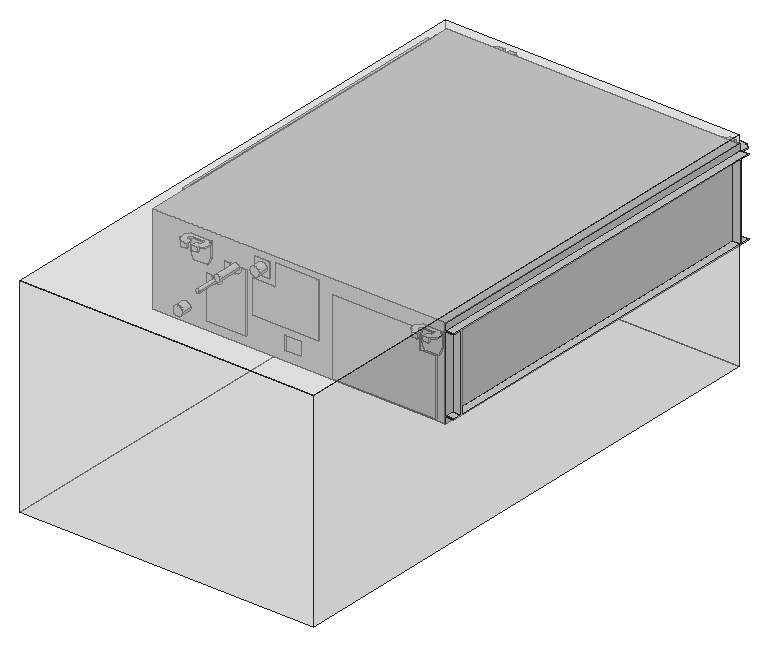
Revit family "outputfile", category 機械設備, Revit 2024
Family settings
  丸型コネクタ寸法 = 半径を使用
  パーツ タイプ = 標準
  OmniClass 番号 = 23.75.10.24.21.27.27
  OmniClass タイトル = Split System Air Conditioning Units
  作業面ベース = いいえ
  常に垂直 = はい
  ロード時にボイドで切り取り = いいえ
  注釈の向きを維持 = いいえ
  共有 = いいえ
  部屋計算ポイント = はい
Parameters (values of type "FBA50BVMA")
  製造元 = "Daikin"
  書き出し IFC クラス(タイプ) = "IfcUnitaryEquipmentType"
  定義済み IFC タイプ(タイプ) = "AIRCONDITIONINGUNIT"
  モデル = "FBA50BVMA"
  switch_frequency = yes
  r_Liquid Pipe Size = Liquid Pipe Size / 2  # 4.75 mm
  r_Gas Pipe Size = Gas Pipe Size / 2  # 7.95 mm
  r_Drain Pipe Size = Drain Pipe Size / 2  # 12.5 mm
  lw_power = 770.0 mm  # constant formula
  lh_SA = 138.0 mm  # constant formula
  lw_SA = if(Width = 550.0 mm, 225.0 mm, if(Width = 700.0 mm, 300.0 mm, if(Width = 1000.0 mm, 450.0 mm, if(Width = 1400.0 mm, 650.0 mm, 725.0 mm))))  # 450.0 mm
  lw_RA = if(Width = 550.0 mm, 275.0 mm, if(Width = 700.0 mm, 349.0 mm, if(Width = 1000.0 mm, 499.0 mm, if(Width = 1400.0 mm, 699.0 mm, 775.0 mm))))  # 499.0 mm
  lh_power = 60.0 mm + [h***]  # 60.0 mm
  lh_mountinghole1 = lh_mountinghole + [h***]  # 222.0 mm
  lh_RA = 123.0 mm  # constant formula
  ld_power = Width / 2  # 500.0 mm
  connector_voltage = Voltage_50Hz  # 230 V
  connector_powerinput = [Power Input (Cooling)]  # 1.350 kW
  connector_phase = Phase_50Hz  # 1
  Voltage_comment_60Hz = "220-230"
  Voltage_comment_50Hz = "220 - 240"
  Voltage_60Hz = 220 V
  Voltage_50Hz = 230 V
  Total Heating Capacity [instance] = 0.000 kW
  Supply Air Direction [instance] = yes
  Sound Power Level_H speed (dB) = 0
  Power Input (Heating) = 0.000 kW
  Phase_60Hz = 1
  Phase_50Hz = 1
  Nominal Heating Capacity = 0.000 kW
  Minimum External Static Pressure = 0.00 Pa
  Minimum Circuit Amps_60Hz = 0.0 A
  Minimum Circuit Amps_50Hz = 0.0 A
  Maximum Fuse Amps_60Hz = 0.0 A
  Maximum Fuse Amps_50Hz = 0.0 A
  Maximum External Static Pressure = 0.00 Pa
  Material_Casing = DAIKIN_GalvanizedSteel_Casing_indoorunit
  lw_mountinghole = 630.0 mm  # constant formula
  lh_gaspipe = 183.0 mm + [h***]  # 183.0 mm
  lh_mountinghole = 222.0 mm  # constant formula
  lh_liquidpipe = 136.0 mm + [h***]  # 136.0 mm
  lh_drainpipe = 207.0 mm + [h***]  # 207.0 mm
  lh_antena = Height - lh_mountinghole + 1.0 mm  # 24.0 mm
  ld_drainpipe = Width / 2 + 26.0 mm  # 526.0 mm
  ld_liquidpipe = Width / 2 + 69.0 mm  # 569.0 mm
  ld_gaspipe = Width / 2 + 65.0 mm  # 565.0 mm
  ld_mountinghole = Width + 38.0 mm  # 1038.0 mm
  h*** = 0.0 mm  # constant formula
  lw_liquidpipe = 179.0 mm  # constant formula
  lw_gaspipe = 229.0 mm  # constant formula
  lw_drainpipe = 300.0 mm  # constant formula
  Width = 1000.0 mm
  Version = "ver.1.0"
  Unit Type = "Duct"
  Unit Mass Weight = 37.00 kg
  Unit Designation [instance] = ""
  Uniclass2015Version = "Products v1.30"
  Uniclass2015Title = "Split coil room air conditioning units"
  Uniclass2015Code = "Pr_70_65_03_86"
  Total Cooling Capacity [instance] = 0.000 kW
  Sound Pressure Level_M speed (dBA) = 33
  Sound Pressure Level_L speed (dBA) = 31
  Sound Pressure Level_H speed (dBA) = 35
  Series = "SkyAir_Fan Coil Unit"
  Sensible Cooling Capacity [instance] = 0.000 kW
  SA Duct Size Width = 792.0 mm
  SA Duct Size Height = 176.0 mm
  Refrigerant Type = "R32"
  RA Duct Size Width = 952.0 mm
  RA Duct Size Height = 208.0 mm
  Power Input (Cooling) = 1.350 kW
  Option Accessory 3 [instance] = ""
  Option Accessory 2 [instance] = ""
  Option Accessory 1 [instance] = ""
  Nominal Cooling Capacity = 5.000 kW
  Minimum Airflow = 750.00 m³/h
  Median Airflow = 900.00 m³/h
  Maximum Airflow = 1080.00 m³/h
  Load Classification = HVAC
  Liquid Pipe Size = 9.5 mm
  Link_Nested Family [instance] = ""
  IfcVersion = ""
  IfcExportType = "AIRCONDITIONINGUNIT"
  IfcExportAs = "IfcUnitaryEquipmentType"
  Height = 245.0 mm
  Heating Entering Wet Bulb Temperature [instance] = -273.15 °C
  Heating Entering Dry Bulb Temperature [instance] = -273.15 °C
  Heating Ambient Wet Bulb Temperature [instance] = -273.15 °C
  Heating Ambient Dry Bulb Temperature [instance] = -273.15 °C
  Heat Exchanger Type = "Cross Fin Coil"
  Gas Pipe Size = 15.9 mm
  Frequency_60Hz = 60 Hz
  Frequency_50Hz = 50 Hz
  Fan Type = "Sirocco Fan"
  Fan Drive = "-"
  FCU Tag No. [instance] = ""
  Drain Pipe Size = 25.0 mm
  Design Supply Airflow [instance] = 0.00 m³/h
  Design Return Airflow [instance] = 0.00 m³/h
  Design External Static Pressure [instance] = 0.00 Pa
  Depth = 800.0 mm
  既定の高さ = 0.0 mm
  Cooling Entering Wet Bulb Temperature [instance] = 0.00 °C
  Cooling Entering Dry Bulb Temperature [instance] = 0.00 °C
  Cooling Ambient Wet Bulb Temperature [instance] = 0.00 °C
  Cooling Ambient Dry Bulb Temperature [instance] = 0.00 °C
  Clearance visibility [instance] = yes
  Clearance Top = 20.0 mm
  Clearance Right = 0.0 mm
  Clearance Rear = 0.0 mm
  Clearance Left = 0.0 mm
  Clearance Front = 450.0 mm
  Clearance Bottom = 300.0 mm
Reference planes
  plane 1 "Center (Front/Back)": y = 0
  plane 2 "h": z = 0
  plane 3 "Center (Left/Right)": x = 0
  plane 4 "Back": y = 500
  plane 5 "Front": y = -500
  plane 6 "Left": x = -400
  plane 7 "Right": x = 400
  plane 8 "Top": z = 0
  plane 9 "Bottom": z = -245
  plane 10: y = -215
  plane 11: y = 500
  plane 12: y = -950
  plane 13: x = -400
  plane 14: x = 400
  plane 15: z = 20
  plane 16: z = -545
  plane 17: x = -400
  plane 18: x = -399
  plane 19: x = 399
  plane 20: y = 50
  plane 21: y = -1
  plane 22: z = -122
  plane 23: y = -501
  plane 24: z = -109
  plane 25: x = -221
  plane 26: y = -565
  plane 27: z = -62
  plane 28: x = -171
  plane 29: y = -526
  plane 30: z = -38
  plane 31: x = -100
  plane 32: x = -100
  plane 33: x = -221
  plane 34: x = -171
  plane 35: x = 370
  plane 36: x = -266
  plane 37: x = 364
  plane 38: y = -519
  plane 39: y = 519
  plane 40: z = -23
  plane 41: z = -107
  plane 42: y = -569
  plane 43: z = -207
  plane 44: x = -309
  plane 45: y = -376
  plane 46: x = -251
  plane 47: x = -203
  plane 48: x = -144
  plane 49: z = -59
  plane 50: z = -106
  plane 51: z = -221
  plane 52: z = -109
  plane 53: x = -221
  plane 54: z = -62
  plane 55: x = -171
  plane 56: z = -17
  plane 57: z = -59
  plane 58: x = -121
  plane 59: x = -79
  plane 60: x = -125
  plane 61: x = -64
  plane 62: x = 53
  plane 63: z = -164
  plane 64: z = -73
  plane 65: z = -16
  plane 66: x = 93.5
  plane 67: x = 374.5
  plane 68: x = 330
  plane 69: z = -88.5
  plane 70: z = -38
  plane 71: z = -242.5
  plane 72: x = -38.5
  plane 73: x = 6.5
  plane 74: z = -181
  plane 75: z = -221
  plane 76: y = -499
  plane 77: x = -424
  plane 78: x = 424
Forms (mm)
  Extrusion 1, solid, material "DAIKIN_GalvanizedSteel_Casing_indoorunit" <- "Material_Casing"
    sketch origin (0, 0, 0) x (1, 0, 0) y (0, 1, 0)
      loop
        line (-399, 500) -> (-399, -500) -> (399, -500) -> (399, 500) -> (-399, 500)
    from -245 to 0
  Extrusion 2, solid, material "DAIKIN_GalvanizedSteel_Casing_indoorunit" <- "Material_Casing"
    sketch origin (0, 0, 0) x (1, 0, 0) y (0, 0, 1)
      loop
        line (-251, -221) -> (-144, -221) -> (-144, -59) -> (-154.47, -59)
        arc (-154.47, -59) -> (-171, -78.8) -> (-187.53, -59) r 16.8
        line (-187.53, -59) -> (-203, -59) -> (-203, -106) -> (-206.916, -106)
        arc (-206.916, -106) -> (-221, -123.4) -> (-235.084, -106) r 14.4
        line (-235.084, -106) -> (-251, -106) -> (-251, -221)
    from 500 to 501
  Extrusion 3, solid, material "DAIKIN_GalvanizedSteel_Casing_indoorunit" <- "Material_Casing"
    sketch origin (0, 0, 0) x (1, 0, 0) y (0, 0, 1)
      loop
        line (-121, -17) -> (-121, -59) -> (-79, -59) -> (-79, -17) -> (-121, -17)
      loop
        line (-125, -73) -> (-125, -164) -> (53, -164) -> (53, -16) -> (-64, -16) -> (-64, -73) -> (-125, -73)
    from 500 to 501
  Extrusion 4, solid, material "DAIKIN_GalvanizedSteel_Casing_indoorunit" <- "Material_Casing"
    sketch origin (0, 0, 0) x (1, 0, 0) y (0, 0, 1)
      loop
        line (93.5, -38) -> (93.5, -242.5) -> (374.5, -242.5) -> (374.5, -88.5) -> (330, -88.5) -> (330, -38) -> (93.5, -38)
    from 500 to 501
  Extrusion 5, solid, material "DAIKIN_GalvanizedSteel_Casing_indoorunit" <- "Material_Casing"
    sketch origin (0, 0, 0) x (1, 0, 0) y (0, 0, 1)
      loop
        circle (-221, -109) r 4.75
    from 500 to 569
  Extrusion 6, solid, material "DAIKIN_GalvanizedSteel_Casing_indoorunit" <- "Material_Casing"
    sketch origin (0, 0, 0) x (1, 0, 0) y (0, 0, 1)
      loop
        circle (-171, -62) r 7.95
    from 500 to 565
  Extrusion 7, solid, material "DAIKIN_GalvanizedSteel_Casing_indoorunit" <- "Material_Casing"
    sketch origin (0, 0, 0) x (1, 0, 0) y (0, 0, 1)
      loop
        circle (-100, -38) r 12.5
    from 501 to 526
  Extrusion 8, solid, material "DAIKIN_GalvanizedSteel_Casing_indoorunit" <- "Material_Casing"
    sketch origin (0, 0, 0) x (1, 0, 0) y (0, 0, 1)
      loop
        circle (-309, -207) r 13
    from 500 to 526
  Extrusion 9, void
    sketch origin (0, 0, 0) x (1, 0, 0) y (0, 0, 1)
      loop
        line (-38.5, -181) -> (-38.5, -221) -> (6.5, -221) -> (6.5, -181) -> (-38.5, -181)
    from 499 to 500
Cuts and joins
  Extrusion 9 cuts Extrusion 1
Dimensions and locks
  "Height": plane 8 "Top" to plane 9 "Bottom"
  equal spacing: plane 4 "Back", plane 1 "Center (Front/Back)", plane 5 "Front"
  "Width": plane 4 "Back" to plane 5 "Front"
  equal spacing: plane 6 "Left", plane 3 "Center (Left/Right)", plane 7 "Right"
  "Depth": plane 6 "Left" to plane 7 "Right"
  "Clearance Left": plane 13 to plane 6 "Left"
  "Clearance Right": plane 7 "Right" to plane 14
  "Clearance Rear": plane 11 to plane 4 "Back"
  "Clearance Front": plane 5 "Front" to plane 12
  "Clearance Top": plane 15 to plane 8 "Top"
  "Clearance Bottom": plane 9 "Bottom" to plane 16
  locked: plane 17 to plane 18 at 1
  locked: plane 19 to plane 14 at 1
  "lw_SA": plane 11 to plane 20
  "lw_RA": plane 21 to plane 5 "Front"
  "lh_RA": plane 22 to plane 9 "Bottom"
  locked: plane 5 "Front" to plane 23 at 1
  "lw_liquidpipe": plane 25 to plane 6 "Left"
  "lh_liquidpipe": plane 24 to plane 9 "Bottom"
  "lh_gaspipe": plane 27 to plane 9 "Bottom"
  "lw_gaspipe": plane 28 to plane 6 "Left"
  "ld_gaspipe": plane 26 to plane 1 "Center (Front/Back)"
  "ld_drainpipe": plane 29 to plane 1 "Center (Front/Back)"
  "lh_drainpipe": plane 30 to plane 9 "Bottom"
  "lw_drainpipe": plane 31 to plane 6 "Left"
  "lw_drainpipe": plane 6 "Left" to plane 32
  "lw_liquidpipe": plane 6 "Left" to plane 33
  "lw_gaspipe": plane 6 "Left" to plane 34
  "lw_power": plane 6 "Left" to plane 35
  locked: plane 17 to plane 36 at 134
  "lw_mountinghole": plane 36 to plane 37
  equal spacing: plane 38, plane 1 "Center (Front/Back)", plane 39
  "ld_mountinghole": plane 39 to plane 38
  "lh_mountinghole": plane 40 to plane 9 "Bottom"
  "lh_SA": plane 41 to plane 9 "Bottom"
  locked: plane 44 to plane 6 "Left" at 91
  locked: plane 43 to plane 9 "Bottom" at 38
  plane 48 to plane 47 to plane 46 to plane 6 "Left" = 59.0 mm, 48.0 mm, 149.0 mm
  plane 8 "Top" to plane 49 to plane 50 to plane 51 = 59.0 mm locked, 47.0 mm locked, 115.0 mm locked
  plane 55 to plane 53 to plane 6 "Left" = 50.0 mm locked, 179.0 mm locked
  plane 54 to plane 52 to plane 9 "Bottom" = 47.0 mm locked, 136.0 mm locked
  plane 59 to plane 58 to plane 6 "Left" = 42.0 mm locked, 279.0 mm locked
  plane 8 "Top" to plane 56 to plane 57 = 17.0 mm locked, 42.0 mm locked
  plane 62 to plane 61 to plane 60 to plane 6 "Left" = 117.0 mm, 61.0 mm, 275.0 mm
  plane 8 "Top" to plane 65 to plane 64 = 16.0 mm locked, 57.0 mm locked
  locked: plane 65 to plane 63 at 148
  plane 8 "Top" to plane 70 to plane 69 to plane 71 = 38.0 mm locked, 50.5 mm locked, 154.0 mm locked
  plane 67 to plane 68 to plane 66 to plane 6 "Left" = 44.5 mm locked, 236.5 mm locked, 493.5 mm locked
  plane 8 "Top" to plane 74 to plane 75 = 181.0 mm locked, 40.0 mm locked
  plane 73 to plane 72 to plane 6 "Left" = 45.0 mm, 361.5 mm
  locked: plane 76 to plane 5 "Front" at 1
  locked: plane 77 to plane 17 at 24
  locked: plane 14 to plane 78 at 24
  "ld_liquidpipe": plane 42 to plane 1 "Center (Front/Back)"
  "r_Liquid Pipe Size": radius of Extrusion 5 sketch curve
  "r_Gas Pipe Size": radius of Extrusion 6 sketch curve
  "r_Drain Pipe Size": radius of Extrusion 7 sketch curve
  aligned and locked: level to plane 2 "h"
  aligned and locked: plane 8 "Top" to Extrusion 1
  aligned and locked: Extrusion 1 to plane 9 "Bottom"
  aligned and locked: nested 5 to plane 12
  aligned and locked: plane 13 to nested 5
  aligned and locked: plane 14 to nested 5
  aligned and locked: nested 5 to plane 13
  aligned and locked: plane 11 to nested 5
  aligned and locked: plane 15 to nested 5
  aligned and locked: plane 16 to nested 5
  aligned and locked: plane 5 "Front" to Extrusion 1 sketch curve
  aligned and locked: Extrusion 1 to plane 18
  aligned and locked: plane 19 to Extrusion 1
  aligned and locked: nested 7 to plane 18
  aligned and locked: nested 7 to plane 20
  aligned and locked: plane 19 to nested 8
  aligned and locked: plane 21 to nested 8
  aligned and locked: plane 22 to nested 8
  aligned and locked: Extrusion 2 to plane 23
  aligned and locked: plane 5 "Front" to Extrusion 2
  aligned and locked: Extrusion 3 to plane 23
  aligned and locked: plane 5 "Front" to Extrusion 3
  aligned and locked: plane 5 "Front" to Extrusion 4
  aligned and locked: Extrusion 5 sketch curve to plane 25
  aligned and locked: plane 24 to Extrusion 5 sketch curve
  aligned and locked: plane 5 "Front" to Extrusion 5
  aligned and locked: Extrusion 6 sketch curve to plane 28
  aligned and locked: plane 27 to Extrusion 6 sketch curve
  aligned and locked: plane 5 "Front" to Extrusion 6
  aligned and locked: Extrusion 7 sketch curve to plane 31
  aligned and locked: Extrusion 7 sketch curve to plane 30
  aligned and locked: Extrusion 7 to plane 29
  aligned and locked: plane 23 to Extrusion 7
  aligned and locked: nested 3 to plane 29
  aligned and locked: plane 32 to nested 3
  aligned and locked: nested 2 to plane 33
  aligned and locked: nested 1 to plane 34
  aligned and locked: Extrusion 6 to plane 26
  aligned and locked: nested 1 to plane 26
  aligned and locked: nested 6 to plane 5 "Front"
  aligned and locked: nested 6 to plane 35
  aligned and locked: plane 36 to nested 10
  aligned and locked: nested 10 to plane 5 "Front"
  aligned and locked: plane 37 to nested 9
  aligned and locked: nested 9 to plane 5 "Front"
  aligned and locked: nested 11 to plane 36
  aligned and locked: plane 4 "Back" to nested 11
  aligned and locked: nested 12 to plane 37
  aligned and locked: plane 4 "Back" to nested 12
  aligned and locked: plane 40 to nested 10
  aligned and locked: plane 40 to nested 11
  aligned and locked: plane 40 to nested 9
  aligned and locked: plane 40 to nested 12
  aligned and locked: plane 36 to nested 14
  aligned and locked: nested 14 to plane 39
  aligned and locked: plane 37 to nested 13
  aligned and locked: nested 13 to plane 39
  aligned and locked: plane 37 to nested 16
  aligned and locked: plane 38 to nested 16
  aligned and locked: plane 38 to nested 15
  aligned and locked: plane 36 to nested 15
  aligned and locked: plane 17 to plane 6 "Left"
  aligned and locked: plane 41 to nested 7
  aligned and locked: Extrusion 5 to plane 42
  aligned and locked: nested 2 to plane 42
  aligned and locked: Extrusion 8 sketch curve to plane 44
  aligned and locked: plane 43 to Extrusion 8 sketch curve
  aligned and locked: plane 5 "Front" to Extrusion 8
  aligned and locked: Extrusion 3 sketch curve to plane 56
  aligned and locked: Extrusion 3 sketch curve to plane 58
  aligned and locked: plane 57 to Extrusion 3 sketch curve
  aligned and locked: plane 59 to Extrusion 3 sketch curve
  aligned and locked: Extrusion 4 to plane 23
  aligned and locked: Extrusion 9 sketch curve to plane 74
  aligned and locked: plane 75 to Extrusion 9 sketch curve
  aligned and locked: plane 73 to Extrusion 9 sketch curve
  aligned and locked: plane 5 "Front" to Extrusion 9
  aligned and locked: plane 76 to Extrusion 9
  aligned and locked: nested 17 to plane 20
  aligned and locked: nested 17 to plane 77
  aligned and locked: plane 21 to nested 18
  aligned and locked: plane 78 to nested 18
  aligned and locked: plane 41 to nested 17
  aligned and locked: nested 18 to plane 22
  aligned and locked: nested 4 to plane 3 "Center (Left/Right)"
  aligned and locked: plane 1 "Center (Front/Back)" to nested 4
  aligned and locked: level to plane 8 "Top"
Automatic sketch dimensions
  plane 6 "Left" to Extrusion 1 sketch curve = 1.0 mm
  Extrusion 1 sketch curve to plane 7 "Right" = 1.0 mm
  Extrusion 1 sketch curve to plane 4 "Back" = 0.0 mm
  Extrusion 2 sketch curve to plane 46 = 0.0 mm
  Extrusion 2 sketch curve to plane 33 = 0.0 mm
  Extrusion 2 sketch curve to plane 47 = 0.0 mm
  Extrusion 2 sketch curve to plane 34 = 0.0 mm
  Extrusion 2 sketch curve to plane 48 = 0.0 mm
  Extrusion 2 sketch curve to plane 51 = 0.0 mm
  Extrusion 2 sketch curve to plane 52 = 0.0 mm
  Extrusion 2 sketch curve to plane 50 = 0.0 mm  (x3)
  Extrusion 2 sketch curve to plane 54 = 0.0 mm
  Extrusion 2 sketch curve to plane 49 = 0.0 mm  (x3)
  plane 33 to Extrusion 2 sketch curve = 14.084 mm
  plane 34 to Extrusion 2 sketch curve = 16.53 mm
  Extrusion 3 sketch curve to plane 60 = 0.0 mm
  Extrusion 3 sketch curve to plane 61 = 0.0 mm
  Extrusion 3 sketch curve to plane 62 = 0.0 mm
  Extrusion 3 sketch curve to plane 63 = 0.0 mm
  Extrusion 3 sketch curve to plane 64 = 0.0 mm
  Extrusion 3 sketch curve to plane 65 = 0.0 mm
  Extrusion 4 sketch curve to plane 66 = 0.0 mm
  Extrusion 4 sketch curve to plane 68 = 0.0 mm
  Extrusion 4 sketch curve to plane 67 = 0.0 mm
  Extrusion 4 sketch curve to plane 71 = 0.0 mm
  Extrusion 4 sketch curve to plane 69 = 0.0 mm
  Extrusion 4 sketch curve to plane 70 = 0.0 mm
  Extrusion 9 sketch curve to plane 72 = 0.0 mm
  radius of Extrusion 8 sketch curve = 13.0 mm
Nested families
  nested 1: "daikin_connector_rotate2" at (-171, 0, -62), length <- "ld_gaspipe", built-in parameter 1001364 <- "lh_gaspipe", radius <- "r_Gas Pipe Size", type "daikin_connector_rotate2"
    with radius 7.95 mm, length 565.0 mm, angle_vertical 90.00°
  nested 2: "daikin_connector_rotate2" at (-221, 0, -109), length <- "ld_liquidpipe", built-in parameter 1001364 <- "lh_liquidpipe", radius <- "r_Liquid Pipe Size", type "daikin_connector_rotate2"
    with radius 4.75 mm, length 569.0 mm, angle_vertical 90.00°
  nested 3: "daikin_connector_rotate2" at (-100, 0, -38), length <- "ld_drainpipe", built-in parameter 1001364 <- "lh_drainpipe", radius <- "r_Drain Pipe Size", type "daikin_connector_rotate2"
    with radius 12.5 mm, length 526.0 mm, angle_vertical 90.00°
  nested 4: "daikin_△_symbolicline" at (0, 0, 245) x (0, -1, 0) z (0, 0, 1), built-in parameter 1001364 <- "Height", visible <- "Supply Air Direction", type "daikin_△_symbolicline"
    with length 200.0 mm
  nested 5: "daikin_clearancespace" at (0, -225, -262.381), visible <- "Clearance visibility", show <- "Clearance visibility", Link_Nested Family <- "Link_Nested Family", type "daikin_clearancespace"
    with width 800.0 mm, show yes, height 565.0 mm, depth 1450.0 mm, Link_Nested Family ""
  nested 6: "daikin_connector_rotate2" at (370, 0, -185), built-in parameter 1001364 <- "lh_power", length <- "ld_power", type "daikin_connector_rotate2"
    with radius 10.0 mm, length 500.0 mm, angle_vertical 90.00°
  nested 7: "daikin_ductflange_FBA-BVMA2" at (-399, 50, -107) x (0, -1, 0) z (0, 0, 1), type "daikin_ductflange_FBA-BVMA2"
    with width 792.0 mm, w 1000.0 mm
  nested 8: "daikin_ductflange_FBA-BVMA" at (399, -1, -122) x (0, 1, 0) z (0, 0, 1), type "daikin_ductflange_FBA-BVMA"
    with width 952.0 mm, lw 25.0 mm, w 1000.0 mm
  nested 9: "daikin_hangerfixture_FBA-BVMA" at (364, -500, -23), type "daikin_hangerfixture_FBA-BVMA"
  nested 10: "daikin_hangerfixture_FBA-BVMA" at (-266, -500, -23), type "daikin_hangerfixture_FBA-BVMA"
  nested 11: "daikin_hangerfixture_FBA-BVMA" at (-266, 500, -23) x (-1, 0, 0) z (0, 0, 1), type "daikin_hangerfixture_FBA-BVMA"
  nested 12: "daikin_hangerfixture_FBA-BVMA" at (364, 500, -23) x (-1, 0, 0) z (0, 0, 1), type "daikin_hangerfixture_FBA-BVMA"
  nested 13: "daikin_mountinghole" at (364, 519, -245), h_mountinghole <- "lh_mountinghole1", l_antenna <- "lh_antena", Link_Nested Family <- "Link_Nested Family", type "daikin_mountinghole"
    with show yes, l_antenna 24.0 mm, h_mountinghole 222.0 mm, Link_Nested Family ""
  nested 14: "daikin_mountinghole" at (-266, 519, -245), h_mountinghole <- "lh_mountinghole1", l_antenna <- "lh_antena", Link_Nested Family <- "Link_Nested Family", type "daikin_mountinghole"
    with show yes, l_antenna 24.0 mm, h_mountinghole 222.0 mm, Link_Nested Family ""
  nested 15: "daikin_mountinghole" at (-266, -519, -245), h_mountinghole <- "lh_mountinghole1", l_antenna <- "lh_antena", Link_Nested Family <- "Link_Nested Family", type "daikin_mountinghole"
    with show yes, l_antenna 24.0 mm, h_mountinghole 222.0 mm, Link_Nested Family ""
  nested 16: "daikin_mountinghole" at (364, -519, -245), h_mountinghole <- "lh_mountinghole1", l_antenna <- "lh_antena", Link_Nested Family <- "Link_Nested Family", type "daikin_mountinghole"
    with show yes, l_antenna 24.0 mm, h_mountinghole 222.0 mm, Link_Nested Family ""
  nested 17: "daikin_connector_rotate2" at (-400, 50, -107) x (0, -1, 0) z (0, 0, 1), type "daikin_connector_rotate2"
    with radius 10.0 mm, length 24.0 mm, angle_vertical 90.00°
  nested 18: "daikin_connector_rotate2" at (400, -1, -122) x (0, 1, 0) z (0, 0, 1), type "daikin_connector_rotate2"
    with radius 10.0 mm, length 24.0 mm, angle_vertical 90.00°
Connectors
  piping at (-100, -526, -38), diameter 25, driven by "r_Drain Pipe Size"
    settings: on nested 3, index 3, connector inside diameter 609.6 mm, connector length 0.0 mm, flow factor 0, pipe flow 0.00 m³/h, pressure drop 0.0 Pa, fitting loss kfactor 0, connector angle 0.00°, fixture units 0, engagement length 0.0 mm, angle of deflection 0.00°, flow configuration 1, flow direction 2, fitting loss method 4, system type 16, joint type 0, gender type 0, connector reference index -1, connector utility 0, adjustable connector no, is connector primary yes, connector description "Condensate Drain Piping"
  piping at (-171, -565, -62), diameter 15.9, driven by "r_Gas Pipe Size"
    settings: on nested 1, index 4, connector inside diameter 609.6 mm, connector length 0.0 mm, flow factor 0, pipe flow 0.00 m³/h, pressure drop 0.0 Pa, fitting loss kfactor 0, connector angle 0.00°, fixture units 0, engagement length 0.0 mm, angle of deflection 0.00°, flow configuration 1, flow direction 2, fitting loss method 0, system type 29, joint type 0, gender type 0, connector reference index -1, connector utility 0, adjustable connector no, is connector primary no, connector description "Refrigerant Gas Piping"
  piping at (-221, -569, -109), diameter 9.5, driven by "r_Liquid Pipe Size"
    settings: on nested 2, index 5, connector inside diameter 609.6 mm, connector length 0.0 mm, flow factor 0, pipe flow 0.00 m³/h, pressure drop 0.0 Pa, fitting loss kfactor 0, connector angle 0.00°, fixture units 0, engagement length 0.0 mm, angle of deflection 0.00°, flow configuration 1, flow direction 1, fitting loss method 0, system type 29, joint type 0, gender type 0, connector reference index -1, connector utility 0, adjustable connector no, is connector primary no, connector description "Refrigerant Liquid Piping"
  electrical at (370, -500, -185), driven by "Load Classification", driven by "connector_voltage", driven by "connector_phase", driven by "connector_powerinput"
    settings: on nested 6, index 6, voltage 230 V, apparent load 1350 VA, apparent load phase1 0 VA, apparent load phase2 0 VA, apparent load phase3 0 VA, power factor 1, load classification "HVAC", number of poles 1, system type 30, power factor state 1, is connector primary yes, connector utility no, sub classification motor no, connector description "Power Supply"
  hvac at (-424, 50, -107), driven by "SA Duct Size Height", driven by "SA Duct Size Width"
    settings: on nested 17, index 7, duct flow 0.00 m³/h, flow factor 0, pres drop 0.00 Pa, loss coef 0, conn angle 0.00°, conn width 792.0 mm, conn height 176.0 mm, conn diameter 609.6 mm, duct sys type 1, conn prof type 1, flow config 0, flow direction 2, loss method 4, conn ref index -1, conn util no, is conn primary yes, conn desc "SA Duct"
  hvac at (424, -1, -122), driven by "RA Duct Size Height", driven by "RA Duct Size Width"
    settings: on nested 18, index 8, duct flow 0.00 m³/h, flow factor 0, pres drop 0.00 Pa, loss coef 0, conn angle 0.00°, conn width 952.0 mm, conn height 208.0 mm, conn diameter 609.6 mm, duct sys type 2, conn prof type 1, flow config 0, flow direction 1, loss method 4, conn ref index -1, conn util no, is conn primary no, conn desc "RA Duct"
Definition of nested family "daikin_clearancespace"
  Parameters (values of type "daikin_clearancespace")
    Description = "daikin_clearancespace"
    width [instance] = 1823.963 mm
    show [instance] = yes
    material = none
    height [instance] = 1359.762 mm
    depth [instance] = 880.0 mm
    Default Elevation = 0.0 mm
    Link_Nested Family [instance] = ""
  Reference planes
    plane 1 "Center (Front/Back)": y = 0
    plane 2 "Center (Elevation)": z = -0.119
    plane 3 "Center (Left/Right)": x = 0
    plane 4: y = 440
    plane 5: y = -440
    plane 6 "Right": x = 911.982
    plane 7 "Left": x = -911.982
    plane 8 "Top": z = 679.762
    plane 9 "Bottom": z = -680
  Forms (mm)
    Extrusion 1, solid, material <- "material", visible <- "show"
      sketch origin (0, 0, 0) x (1, 0, 0) y (0, 1, 0)
        loop
          line (-911.982, 440) -> (-911.982, -440) -> (911.982, -440) -> (911.982, 440) -> (-911.982, 440)
      from -680 to 679.762
  Lines and regions (mm)
    symbolic lines, visible <- "show"
      curve 1: line (911.982, 440, 0) -> (-911.982, 440, 0)
      curve 2: line (-911.982, 440, 0) -> (-911.982, -440, 0)
      curve 3: line (-911.982, -440, 0) -> (911.982, -440, 0)
      curve 4: line (911.982, -440, 0) -> (911.982, 440, 0)
      curve 5: line (911.982, 0, 679.762) -> (-911.982, 0, 679.762)
      curve 6: line (911.982, 0, -680) -> (911.982, 0, 679.762)
      curve 7: line (-911.982, 0, -680) -> (911.982, 0, -680)
      curve 8: line (-911.982, 0, 679.762) -> (-911.982, 0, -680)
      curve 9: line (0, 440, 679.762) -> (0, -440, 679.762)
      curve 10: line (0, -440, 679.762) -> (0, -440, -680)
      curve 11: line (0, 440, -680) -> (0, 440, 679.762)
      curve 12: line (0, -440, -680) -> (0, 440, -680)
  Dimensions and locks
    "width": plane 7 "Left" to plane 6 "Right"
    "depth": plane 4 to plane 5
    "height": plane 8 "Top" to plane 9 "Bottom"
    equal spacing: plane 7 "Left", plane 3 "Center (Left/Right)", plane 6 "Right"
    equal spacing: plane 4, plane 1 "Center (Front/Back)", plane 5
    equal spacing: plane 8 "Top", plane 2 "Center (Elevation)", plane 9 "Bottom"
    aligned and locked: level to plane 2 "Center (Elevation)"
    aligned and locked: Extrusion 1 sketch curve to plane 4
    aligned and locked: plane 7 "Left" to Extrusion 1 sketch curve
    aligned and locked: Extrusion 1 sketch curve to plane 5
    aligned and locked: Extrusion 1 sketch curve to plane 6 "Right"
    aligned and locked: plane 8 "Top" to Extrusion 1
    aligned and locked: curve 1 to Extrusion 1
    aligned and locked: curve 2 to Extrusion 1
    aligned and locked: curve 3 to Extrusion 1
    aligned and locked: curve 4 to Extrusion 1
    aligned and locked: curve 5 to Extrusion 1
    aligned and locked: curve 6 to Extrusion 1
    aligned and locked: curve 7 to Extrusion 1
    aligned and locked: curve 8 to Extrusion 1
    aligned and locked: curve 9 to Extrusion 1
    aligned and locked: curve 10 to Extrusion 1
    aligned and locked: curve 11 to Extrusion 1
    aligned and locked: curve 12 to Extrusion 1
    aligned and locked: Extrusion 1 to plane 9 "Bottom"
Definition of nested family "daikin_ductflange_FBA-BVMA2"
  Parameters (values of type "daikin_ductflange_FBFC-DVMG2")
    width = if(w = 550.0 mm, 337.0 mm, if(w = 700.0 mm, 492.0 mm, if(w = 1000.0 mm, 792.0 mm, if(w = 1400.0 mm, 1192.0 mm, 1337.0 mm))))  # 1192.0 mm
    material = none
    height = 215.0 mm
    depth = 1.0 mm
    w = 1400.0 mm
    Default Elevation = 0.0 mm
  Reference planes
    plane 1 "Center (Front/Back)": y = 0
    plane 2: z = 0
    plane 3 "Center (Left/Right)": x = 0
    plane 4: z = 88
    plane 5: z = -88
    plane 6: y = -25
    plane 7: z = 106
    plane 8: z = 89
    plane 9: y = -1
    plane 10: x = -617.5
    plane 11: x = 617.5
    plane 12: z = -106
    plane 13: z = -89
    plane 14: y = -1
    plane 15: x = 596
    plane 16: x = -596
    plane 17: x = 597
    plane 18: z = 87
    plane 19: z = -87
    plane 20: x = -597
    plane 21: z = 87
    plane 22: z = -87
    plane 23: y = -1
  Forms (mm)
    Extrusion 1, solid, material <- "material"
      sketch origin (0, 0, 0) x (0, 1, 0) y (0, 0, 1)
        loop
          line (-25, 88) -> (0, 88) -> (0, 106) -> (-1, 106) -> (-1, 89) -> (-25, 89) -> (-25, 88)
      from -617.5 to 617.5
    Extrusion 2, solid, material <- "material"
      sketch origin (0, 0, 0) x (0, 1, 0) y (0, 0, 1)
        loop
          line (-25, -88) -> (-25, -89) -> (-1, -89) -> (-1, -106) -> (0, -106) -> (0, -88) -> (-25, -88)
      from -617.5 to 617.5
    Extrusion 3, solid, material <- "material"
      sketch origin (0, 0, 0) x (1, 0, 0) y (0, 0, 1)
        loop
          line (596, 88) -> (596, -88) -> (617.5, -88) -> (617.5, -87) -> (597, -87) -> (597, 87) -> (617.5, 87) -> (617.5, 88) -> (596, 88)
      from 0 to 25
    Extrusion 4, solid, material <- "material"
      sketch origin (0, 0, 0) x (1, 0, 0) y (0, 0, 1)
        loop
          line (-617.5, 88) -> (-617.5, 87) -> (-597, 87) -> (-597, -87) -> (-617.5, -87) -> (-617.5, -88) -> (-596, -88) -> (-596, 88) -> (-617.5, 88)
      from 0 to 25
    Extrusion 5, solid, material <- "material"
      sketch origin (0, 0, 0) x (1, 0, 0) y (0, 0, 1)
        loop
          line (-617.5, 88) -> (-617.5, -88) -> (-596, -88) -> (-596, 88) -> (-617.5, 88)
        loop
          line (617.5, 88) -> (596, 88) -> (596, -88) -> (617.5, -88) -> (617.5, 88)
      from 0 to 1
  Cuts and joins
    joined: Extrusion 1, Extrusion 2, Extrusion 3, Extrusion 4, Extrusion 5
  Dimensions and locks
    plane 4 to level to plane 5 = 88.0 mm, 88.0 mm
    locked: plane 6 to plane 1 "Center (Front/Back)" at 25
    locked: plane 9 to plane 1 "Center (Front/Back)" at 1
    locked: plane 8 to plane 4 at 1
    locked: plane 16 to plane 10 at 21.5
    locked: plane 17 to plane 15 at 1
    locked: plane 4 to plane 18 at 1
    locked: plane 19 to plane 5 at 1
    "width": plane 15 to plane 16
    plane 4 to plane 5 = 176.0 mm
    locked: plane 16 to plane 20 at 1
    locked: plane 4 to plane 21 at 1
    locked: plane 22 to plane 5 at 1
    locked: plane 23 to plane 1 "Center (Front/Back)" at 1
    plane 4 to level to plane 5 = 88.0 mm locked, 88.0 mm locked
    locked: plane 5 to plane 13 at 1
    locked: plane 5 to plane 12 at 18
    locked: plane 7 to plane 4 at 18
    equal spacing: plane 15, plane 3 "Center (Left/Right)", plane 16
    locked: plane 11 to plane 15 at 21.5
    plane 11 to plane 10 = 1235.0 mm
    aligned and locked: level to plane 2
    aligned and locked: Extrusion 1 to plane 10
    aligned and locked: plane 11 to Extrusion 1
    aligned and locked: plane 5 to Extrusion 2
    aligned and locked: Extrusion 2 to plane 1 "Center (Front/Back)"
    aligned and locked: plane 15 to Extrusion 3 sketch curve
    aligned and locked: Extrusion 3 sketch curve to Extrusion 2  (x2)
    aligned and locked: Extrusion 3 sketch curve to plane 11
    aligned and locked: plane 6 to Extrusion 3
    aligned and locked: Extrusion 2 to plane 10
    aligned and locked: plane 11 to Extrusion 2
    aligned and locked: Extrusion 4 sketch curve to Extrusion 1  (x2)
    aligned and locked: plane 5 to Extrusion 4 sketch curve
    aligned and locked: Extrusion 4 sketch curve to plane 16
    aligned and locked: Extrusion 4 sketch curve to plane 22
    aligned and locked: plane 20 to Extrusion 4 sketch curve
    aligned and locked: plane 21 to Extrusion 4 sketch curve
    aligned and locked: Extrusion 4 to plane 1 "Center (Front/Back)"
    aligned and locked: plane 6 to Extrusion 4
    aligned and locked: Extrusion 5 sketch curve to Extrusion 1  (x4)
    aligned and locked: Extrusion 5 sketch curve to Extrusion 4  (x2)
    aligned and locked: Extrusion 5 sketch curve to Extrusion 3  (x2)
    aligned and locked: Extrusion 5 to plane 1 "Center (Front/Back)"
    aligned and locked: plane 23 to Extrusion 5
  Automatic sketch dimensions
    Extrusion 1 sketch curve to plane 6 = 0.0 mm
    Extrusion 1 sketch curve to plane 7 = 0.0 mm
    Extrusion 1 sketch curve to plane 9 = 0.0 mm
    Extrusion 1 sketch curve to plane 1 "Center (Front/Back)" = 0.0 mm
    Extrusion 1 sketch curve to plane 4 = 0.0 mm
    Extrusion 1 sketch curve to plane 8 = 0.0 mm
    Extrusion 2 sketch curve to plane 6 = 0.0 mm
    plane 12 to Extrusion 2 sketch curve = 0.0 mm
    Extrusion 2 sketch curve to plane 14 = 0.0 mm
    Extrusion 2 sketch curve to plane 1 "Center (Front/Back)" = 0.0 mm
    plane 13 to Extrusion 2 sketch curve = 0.0 mm
    Extrusion 2 sketch curve to plane 5 = 0.0 mm
    Extrusion 3 sketch curve to plane 17 = 0.0 mm
    Extrusion 3 sketch curve to plane 19 = 0.0 mm
    Extrusion 3 sketch curve to plane 18 = 0.0 mm
    Extrusion 3 sketch curve to plane 4 = 0.0 mm
    Extrusion 4 sketch curve to plane 10 = 0.0 mm
Definition of nested family "daikin_ductflange_FBA-BVMA"
  Parameters (values of type "daikin_ductflange_FBFC-DVMG")
    width = if(w = 550.0 mm, 502.0 mm, if(w = 700.0 mm, 654.0 mm, if(w = 1000.0 mm, 952.0 mm, if(w = 1400.0 mm, 1352.0 mm, 1502.0 mm))))  # 654.0 mm
    material = none
    lw = if(width = 654.0 mm, 23.0 mm, 25.0 mm)  # 23.0 mm
    height = 208.0 mm
    depth = 1.0 mm
    w = 700.0 mm
    Default Elevation = 0.0 mm
  Reference planes
    plane 1 "Center (Front/Back)": y = 0
    plane 2: z = 0
    plane 3 "Center (Left/Right)": x = 0
    plane 4: z = 104
    plane 5: z = -104
    plane 6: y = -25
    plane 7: z = 121
    plane 8: z = 105
    plane 9: y = -1
    plane 10: x = -350
    plane 11: x = 350
    plane 12: z = -122
    plane 13: z = -105
    plane 14: y = -1
    plane 15: x = 327
    plane 16: x = -327
    plane 17: x = 328
    plane 18: z = 103
    plane 19: z = -103
    plane 20: x = -328
    plane 21: z = 103
    plane 22: z = -103
    plane 23: y = -1
  Forms (mm)
    Extrusion 1, solid, material <- "material"
      sketch origin (0, 0, 0) x (0, 1, 0) y (0, 0, 1)
        loop
          line (-25, 104) -> (0, 104) -> (0, 121) -> (-1, 121) -> (-1, 105) -> (-25, 105) -> (-25, 104)
      from -350 to 350
    Extrusion 2, solid, material <- "material"
      sketch origin (0, 0, 0) x (0, 1, 0) y (0, 0, 1)
        loop
          line (-25, -104) -> (-25, -105) -> (-1, -105) -> (-1, -122) -> (0, -122) -> (0, -104) -> (-25, -104)
      from -350 to 350
    Extrusion 3, solid, material <- "material"
      sketch origin (0, 0, 0) x (1, 0, 0) y (0, 0, 1)
        loop
          line (327, 104) -> (327, -104) -> (350, -104) -> (350, -103) -> (328, -103) -> (328, 103) -> (350, 103) -> (350, 104) -> (327, 104)
      from 0 to 25
    Extrusion 4, solid, material <- "material"
      sketch origin (0, 0, 0) x (1, 0, 0) y (0, 0, 1)
        loop
          line (-350, 104) -> (-350, 103) -> (-328, 103) -> (-328, -103) -> (-350, -103) -> (-350, -104) -> (-327, -104) -> (-327, 104) -> (-350, 104)
      from 0 to 25
    Extrusion 5, solid, material <- "material"
      sketch origin (0, 0, 0) x (1, 0, 0) y (0, 0, 1)
        loop
          line (-350, 104) -> (-350, -104) -> (-327, -104) -> (-327, 104) -> (-350, 104)
        loop
          line (350, 104) -> (327, 104) -> (327, -104) -> (350, -104) -> (350, 104)
      from 0 to 1
  Cuts and joins
    joined: Extrusion 1, Extrusion 2, Extrusion 3, Extrusion 4, Extrusion 5
  Dimensions and locks
    plane 4 to level to plane 5 = 104.0 mm, 104.0 mm
    locked: plane 6 to plane 1 "Center (Front/Back)" at 25
    locked: plane 9 to plane 1 "Center (Front/Back)" at 1
    locked: plane 8 to plane 4 at 1
    "lw": plane 11 to plane 15
    "lw": plane 16 to plane 10
    locked: plane 17 to plane 15 at 1
    locked: plane 4 to plane 18 at 1
    locked: plane 19 to plane 5 at 1
    "width": plane 15 to plane 16
    equal spacing: plane 15, plane 3 "Center (Left/Right)", plane 16
    locked: plane 16 to plane 20 at 1
    locked: plane 4 to plane 21 at 1
    locked: plane 22 to plane 5 at 1
    locked: plane 23 to plane 1 "Center (Front/Back)" at 1
    locked: plane 7 to plane 4 at 17
    locked: plane 1 "Center (Front/Back)" to plane 14 at 1
    locked: plane 5 to plane 13 at 1
    "height": plane 4 to plane 5
    plane 11 to plane 10 = 700.0 mm
    locked: plane 12 to plane 13 at 17
    equal spacing: plane 4, level, plane 5
    aligned and locked: level to plane 2
    aligned and locked: Extrusion 1 to plane 10
    aligned and locked: plane 11 to Extrusion 1
    aligned and locked: plane 5 to Extrusion 2
    aligned and locked: Extrusion 2 to plane 1 "Center (Front/Back)"
    aligned and locked: plane 15 to Extrusion 3 sketch curve
    aligned and locked: Extrusion 3 sketch curve to Extrusion 2  (x2)
    aligned and locked: Extrusion 3 sketch curve to plane 11
    aligned and locked: plane 6 to Extrusion 3
    aligned and locked: Extrusion 2 to plane 10
    aligned and locked: plane 11 to Extrusion 2
    aligned and locked: Extrusion 4 sketch curve to Extrusion 1  (x2)
    aligned and locked: plane 5 to Extrusion 4 sketch curve
    aligned and locked: Extrusion 4 sketch curve to plane 16
    aligned and locked: Extrusion 4 sketch curve to plane 22
    aligned and locked: plane 20 to Extrusion 4 sketch curve
    aligned and locked: plane 21 to Extrusion 4 sketch curve
    aligned and locked: Extrusion 4 to plane 1 "Center (Front/Back)"
    aligned and locked: plane 6 to Extrusion 4
    aligned and locked: Extrusion 5 sketch curve to Extrusion 1  (x4)
    aligned and locked: Extrusion 5 sketch curve to Extrusion 4  (x2)
    aligned and locked: Extrusion 5 sketch curve to Extrusion 3  (x2)
    aligned and locked: Extrusion 5 to plane 1 "Center (Front/Back)"
    aligned and locked: plane 23 to Extrusion 5
  Automatic sketch dimensions
    Extrusion 1 sketch curve to plane 6 = 0.0 mm
    Extrusion 1 sketch curve to plane 7 = 0.0 mm
    Extrusion 1 sketch curve to plane 9 = 0.0 mm
    Extrusion 1 sketch curve to plane 1 "Center (Front/Back)" = 0.0 mm
    Extrusion 1 sketch curve to plane 4 = 0.0 mm
    Extrusion 1 sketch curve to plane 8 = 0.0 mm
    Extrusion 2 sketch curve to plane 6 = 0.0 mm
    plane 12 to Extrusion 2 sketch curve = 0.0 mm
    Extrusion 2 sketch curve to plane 14 = 0.0 mm
    Extrusion 2 sketch curve to plane 1 "Center (Front/Back)" = 0.0 mm
    plane 13 to Extrusion 2 sketch curve = 0.0 mm
    Extrusion 2 sketch curve to plane 5 = 0.0 mm
    Extrusion 3 sketch curve to plane 17 = 0.0 mm
    Extrusion 3 sketch curve to plane 19 = 0.0 mm
    Extrusion 3 sketch curve to plane 18 = 0.0 mm
    Extrusion 3 sketch curve to plane 4 = 0.0 mm
    Extrusion 4 sketch curve to plane 10 = 0.0 mm
Definition of nested family "daikin_hangerfixture_FBA-BVMA"
  Parameters (values of type "daikin_hangerfixture_FXMQ-PAVE")
    width = 72.0 mm
    material = none
    height = 60.0 mm
    depth = 41.0 mm
    Default Elevation = 0.0 mm
  Reference planes
    plane 1 "Center (Front/Back)": y = 0
    plane 2: z = 0
    plane 3 "Center (Left/Right)": x = 0
    plane 4: y = 417.146
    plane 5: y = -41
    plane 6: x = -36
    plane 7: x = 36
    plane 8: z = -2.3
    plane 9: z = -60
    plane 10: y = -2.3
    plane 11: z = -12
    plane 12: y = -38.7
  Forms (mm)
    Extrusion 1, solid, material <- "material"
      sketch origin (0, 0, 0) x (1, 0, 0) y (0, 1, 0)
        loop
          line (-28, 0) -> (-28, -5)
          arc (-28, -5) -> (-29.127, -8.162) -> (-32, -9.899) r 5
          arc (-32, -9.899) -> (-34.873, -11.636) -> (-36, -14.798) r 5
          line (-36, -14.798) -> (-36, -27.178)
          arc (-36, -27.178) -> (-35.429, -29.499) -> (-33.846, -31.289) r 5
          line (-33.846, -31.289) -> (-23, -38.798) -> (-23, -41.098) -> (-6.5, -41.098) -> (-6.5, -28.498)
          arc (-6.5, -28.498) -> (-7.379, -26.377) -> (-9.5, -25.498) r 3
          line (-9.5, -25.498) -> (-13.5, -25.498)
          arc (-13.5, -25.498) -> (-20, -18.998) -> (-13.5, -12.498) r 6.5
          line (-13.5, -12.498) -> (13.5, -12.498)
          arc (13.5, -12.498) -> (20, -18.998) -> (13.5, -25.498) r 6.5
          line (13.5, -25.498) -> (9.5, -25.498)
          arc (9.5, -25.498) -> (7.379, -26.377) -> (6.5, -28.498) r 3
          line (6.5, -28.498) -> (6.5, -41.098) -> (23, -41.098) -> (23, -38.798) -> (33.846, -31.289)
          arc (33.846, -31.289) -> (35.429, -29.499) -> (36, -27.178) r 5
          line (36, -27.178) -> (36, -14.596)
          arc (36, -14.596) -> (34.873, -11.434) -> (32, -9.697) r 5
          arc (32, -9.697) -> (29.127, -7.96) -> (28, -4.798) r 5
          line (28, -4.798) -> (28, 0) -> (-28, 0)
      from 0 to -2.3
    Extrusion 2, solid, material <- "material"
      sketch origin (0, 0, 0) x (1, 0, 0) y (0, 0, 1)
        loop
          line (28, -39.037) -> (28, 0) -> (-28, 0) -> (-28, -39.037)
          arc (-28, -39.037) -> (-27.91, -39.983) -> (-27.642, -40.894) r 5
          line (-27.642, -40.894) -> (-21.257, -56.857)
          arc (-21.257, -56.857) -> (-19.418, -59.14) -> (-16.615, -60) r 5
          line (-16.615, -60) -> (16.615, -60)
          arc (16.615, -60) -> (19.418, -59.14) -> (21.257, -56.857) r 5
          line (21.257, -56.857) -> (27.642, -40.894)
          arc (27.642, -40.894) -> (27.91, -39.983) -> (28, -39.037) r 5
      from 0 to 2.3
    Extrusion 3, solid, material <- "material"
      sketch origin (0, 0, 0) x (1, 0, 0) y (0, 0, 1)
        loop
          line (-23, 0) -> (-23, -9)
          arc (-23, -9) -> (-22.121, -11.121) -> (-20, -12) r 3
          line (-20, -12) -> (-9.5, -12)
          arc (-9.5, -12) -> (-7.379, -11.121) -> (-6.5, -9) r 3
          line (-6.5, -9) -> (-6.5, 0) -> (-23, 0)
        loop
          line (23, 0) -> (6.5, 0) -> (6.5, -9)
          arc (6.5, -9) -> (7.379, -11.121) -> (9.5, -12) r 3
          line (9.5, -12) -> (20, -12)
          arc (20, -12) -> (22.121, -11.121) -> (23, -9) r 3
          line (23, -9) -> (23, 0)
      from 38.8 to 41.098
  Cuts and joins
    joined: Extrusion 1, Extrusion 2, Extrusion 3
  Dimensions and locks
    plane 2 to plane 8 = 2.3 mm
    "height": plane 2 to plane 9
    locked: plane 10 to plane 1 "Center (Front/Back)" at 2.3
    locked: plane 2 to plane 11 at 12
    locked: plane 12 to plane 5 at 2.3
    aligned and locked: level to plane 2
    aligned and locked: Extrusion 1 to plane 8
    aligned and locked: plane 2 to Extrusion 1
    aligned and locked: plane 2 to Extrusion 2 sketch curve
    aligned and locked: Extrusion 2 to plane 10
    aligned and locked: Extrusion 2 to plane 1 "Center (Front/Back)"
    aligned and locked: Extrusion 3 sketch curve to cut or joined group of Extrusion 1, Extrusion 2, Extrusion 3  (x3)
    aligned and locked: cut or joined group of Extrusion 1, Extrusion 2, Extrusion 3 to Extrusion 3
  Automatic sketch dimensions
    Extrusion 2 sketch curve to plane 7 = 8.0 mm
    Extrusion 2 sketch curve to plane 8 = 36.737 mm
    plane 6 to Extrusion 2 sketch curve = 19.385 mm
    Extrusion 1 sketch curve to plane 6 = 0.0 mm
    plane 1 "Center (Front/Back)" to Extrusion 1 sketch curve = 0.0 mm
    Extrusion 1 sketch curve to plane 7 = 0.0 mm
    plane 6 to Extrusion 1 sketch curve = 2.154 mm
    plane 6 to Extrusion 1 sketch curve = 3.0 mm
    Extrusion 1 sketch curve to Extrusion 1 sketch curve = 5.0 mm  (x3)
    Extrusion 1 sketch curve to plane 12 = 0.098 mm  (x2)
    Extrusion 1 sketch curve to Extrusion 1 sketch curve = 4.0 mm  (x2)
    Extrusion 1 sketch curve to plane 5 = 0.098 mm  (x2)
    Extrusion 1 sketch curve to plane 3 "Center (Left/Right)" = 6.5 mm
    plane 3 "Center (Left/Right)" to Extrusion 1 sketch curve = 6.5 mm
    Extrusion 1 sketch curve to Extrusion 1 sketch curve = 3.0 mm
    Extrusion 1 sketch curve to plane 7 = 8.0 mm
    Extrusion 1 sketch curve to plane 7 = 5.0 mm
    Extrusion 1 sketch curve to plane 7 = 3.0 mm
    Extrusion 1 sketch curve to plane 7 = 2.154 mm
    plane 12 to Extrusion 1 sketch curve = 7.411 mm  (x2)
    plane 12 to Extrusion 1 sketch curve = 10.202 mm  (x2)
    Extrusion 1 sketch curve to Extrusion 1 sketch curve = 6.5 mm  (x2)
    Extrusion 1 sketch curve to Extrusion 1 sketch curve = 12.38 mm
    Extrusion 1 sketch curve to plane 10 = 12.296 mm
    Extrusion 1 sketch curve to plane 10 = 2.7 mm
    Extrusion 1 sketch curve to plane 10 = 2.498 mm
    plane 6 to Extrusion 1 sketch curve = 4.0 mm
    Extrusion 1 sketch curve to Extrusion 1 sketch curve = 0.0 mm  (x2)
    Extrusion 1 sketch curve to plane 7 = 4.0 mm
    Extrusion 1 sketch curve to Extrusion 1 sketch curve = 4.111 mm
    Extrusion 3 sketch curve to level = 0.0 mm  (x2)
    Extrusion 3 sketch curve to plane 11 = 0.0 mm  (x2)
    plane 11 to Extrusion 3 sketch curve = 3.0 mm  (x2)
    plane 3 "Center (Left/Right)" to Extrusion 3 sketch curve = 6.5 mm
    Extrusion 3 sketch curve to Extrusion 3 sketch curve = 3.0 mm  (x2)
    Extrusion 2 sketch curve to plane 9 = 0.0 mm
    Extrusion 2 sketch curve to Extrusion 2 sketch curve = 11.385 mm
    plane 6 to Extrusion 2 sketch curve = 8.0 mm
    plane 9 to Extrusion 2 sketch curve = 20.963 mm
    Extrusion 2 sketch curve to Extrusion 2 sketch curve = 5.0 mm  (x2)
    plane 9 to Extrusion 2 sketch curve = 3.143 mm  (x3)
    Extrusion 2 sketch curve to Extrusion 2 sketch curve = 4.642 mm  (x2)
    Extrusion 2 sketch curve to Extrusion 2 sketch curve = 0.0 mm  (x2)
    Extrusion 2 sketch curve to Extrusion 2 sketch curve = 0.358 mm
    Extrusion 2 sketch curve to Extrusion 2 sketch curve = 1.857 mm  (x2)
Definition of nested family "daikin_connector_rotate2"
  Parameters (values of type "daikin_connector_rotate2")
    Default Elevation = 1219.2 mm
    show_face = no
    radius [instance] = 10.0 mm
    length [instance] = 600.0 mm
    d_surface = 10.0 mm
    angle_vertical [instance] = 90.00°
  Reference planes
    plane 1 "Center (Front/Back)": y = 0
    plane 2: z = 0
    plane 3 "Center (Left/Right)": x = 0
  Forms (mm)
    Extrusion 1, solid, visible <- "show_face"
      sketch origin (0, -600, 0) x (1, 0, 0) y (0, 0, 1)
        loop
          circle (0, 0) r 10
      from 0 to -10
  Lines and regions (mm)
    reference lines
      curve 1: line (0, 0, 0) -> (0, -600, 0)
    symbolic lines
      curve 2: circle (0, 0, 0) r 5 normal (0, 0, 1)
    model lines, visible <- "show_face"
      curve 3: line (0, 0, 0) -> (0, -600, 0)
  Dimensions and locks
    "length": curve 1 to curve 1
    "length": curve 3 to curve 3
    "d_surface": Extrusion 1 to Extrusion 1
    "radius": radius of Extrusion 1 sketch curve
    "angle_vertical": angle curve 1 to plane 1 "Center (Front/Back)"
    "angle_vertical": angle curve 3 to plane 1 "Center (Front/Back)"
    aligned and locked: level to plane 2
    aligned and locked: plane 1 "Center (Front/Back)" to curve 1
    aligned and locked: plane 2 to curve 1
    aligned and locked: plane 1 "Center (Front/Back)" to curve 2
    aligned and locked: plane 3 "Center (Left/Right)" to curve 2
    aligned and locked: plane 1 "Center (Front/Back)" to curve 3
    aligned and locked: plane 2 to curve 3
    aligned and locked: Extrusion 1 to Extrusion 1
  Automatic sketch dimensions
    Extrusion 1 sketch curve to level = 0.0 mm
    Extrusion 1 sketch curve to plane 3 "Center (Left/Right)" = 0.0 mm
    radius of curve 2 = 5.0 mm
Definition of nested family "daikin_△_symbolicline"
  Parameters (values of type "daikin_△_symbolicline")
    length [instance] = 200.0 mm
    Default Elevation = 0.0 mm
  Reference planes
    plane 1 "Center (Front/Back)": y = 0
    plane 2: z = 0
    plane 3 "Center (Left/Right)": x = 0
  Lines and regions (mm)
    symbolic lines
      curve 1: line (0, -173.205, 0) -> (100, 0, 0)
      curve 2: line (100, 0, 0) -> (-100, 0, 0)
      curve 3: line (-100, 0, 0) -> (0, -173.205, 0)
  Dimensions and locks
    equal spacing: curve 3, plane 3 "Center (Left/Right)", curve 2
    "length": curve 3 to curve 2
    "length": curve 3 to curve 3
    "length": curve 1 to curve 1
    aligned and locked: level to plane 2
    aligned and locked: curve 2 to plane 1 "Center (Front/Back)"
    aligned and locked: plane 3 "Center (Left/Right)" to curve 3
Definition of nested family "daikin_mountinghole"
  Parameters (values of type "daikin_mountinghole")
    Default Elevation = 1219.2 mm
    Type Comments = "mountinghole"
    show [instance] = yes
    material = none
    l_centerline = 100.0 mm
    l_antenna [instance] = 100.0 mm
    h_mountinghole [instance] = 0.0 mm
    d_circle = 30.0 mm
    Link_Nested Family [instance] = ""
  Reference planes
    plane 1 "Center (Front/Back)": y = 0
    plane 2: z = 0
    plane 3 "Center (Left/Right)": x = 0
    plane 4: y = 50
    plane 5: x = -50
    plane 6: x = 50
    plane 7: y = -50
    plane 8 "h_mountinghole": z = 0
    plane 9: z = 100
  Lines and regions (mm)
    model lines, detail levels fine
      curve 1: circle (0, 0, 0) r 15 normal (0, 0, 1)
      curve 2: line (-50, 0, 0) -> (50, 0, 0)
      curve 3: line (0, 50, 0) -> (0, -50, 0)
    symbolic lines, detail levels fine
      curve 4: circle (0, 0, 0) r 15 normal (0, 0, 1)
      curve 5: line (-50, 0, 0) -> (50, 0, 0)
      curve 6: line (0, 50, 0) -> (0, -50, 0)
    model lines
      curve 7: line (0, 0, 100) -> (0, 0, 0)
  Dimensions and locks
    equal spacing: plane 4, plane 1 "Center (Front/Back)", plane 7
    "l_centerline": plane 4 to plane 7
    equal spacing: plane 5, plane 3 "Center (Left/Right)", plane 6
    "l_centerline": plane 5 to plane 6
    "l_antenna": plane 9 to plane 8 "h_mountinghole"
    "h_mountinghole": plane 8 "h_mountinghole" to plane 2
    "d_circle": diameter of curve 1
    "d_circle": diameter of curve 4
    aligned and locked: level to plane 2
    aligned and locked: plane 1 "Center (Front/Back)" to curve 1
    aligned and locked: plane 3 "Center (Left/Right)" to curve 1
    aligned and locked: plane 1 "Center (Front/Back)" to curve 2
    aligned and locked: curve 3 to plane 3 "Center (Left/Right)"
    aligned and locked: plane 6 to curve 2
    aligned and locked: plane 5 to curve 2
    aligned and locked: plane 4 to curve 3
    aligned and locked: plane 7 to curve 3
    aligned and locked: plane 1 "Center (Front/Back)" to curve 4
    aligned and locked: plane 3 "Center (Left/Right)" to curve 4
    aligned and locked: plane 6 to curve 5
    aligned and locked: plane 5 to curve 5
    aligned and locked: plane 1 "Center (Front/Back)" to curve 5
    aligned and locked: plane 4 to curve 6
    aligned and locked: plane 7 to curve 6
    aligned and locked: curve 6 to plane 3 "Center (Left/Right)"
    aligned and locked: curve 7 to plane 3 "Center (Left/Right)"
    aligned and locked: plane 9 to curve 7
    aligned and locked: plane 8 "h_mountinghole" to curve 7
